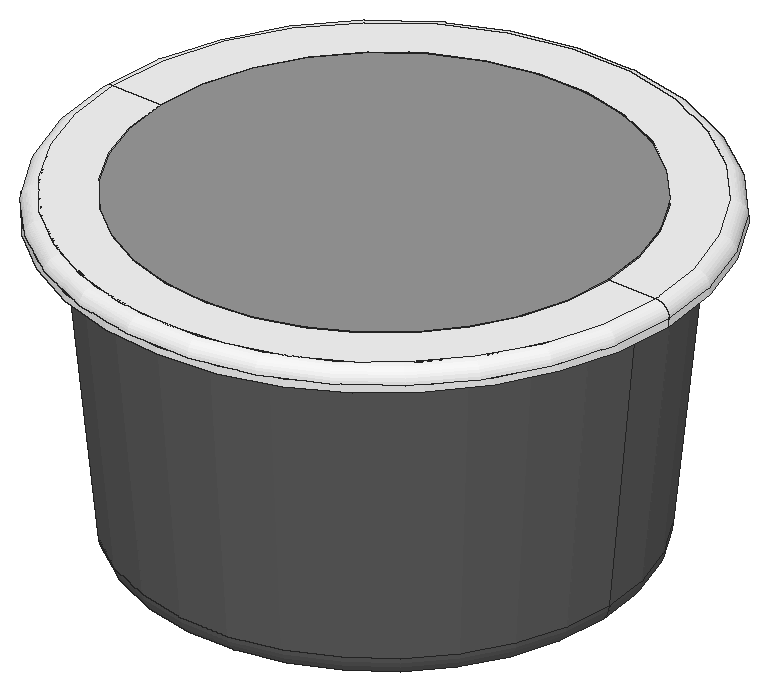
Revit family "3098105 Lighting Fixture_Sylvania_Insaver LED II 150 LO_Ceiling Recessed", category Lighting Fixtures, host Face, Revit 2017
Family settings
  Host = Face
  Round Connector Dimension = Use Diameter
  Part Type = Normal
  OmniClass Number = 23.80.70.11.17
  OmniClass Title = Specialized Lighting by Location or Use
  Cut with Voids When Loaded = No
  Light Source = Yes
  Shared = No
  Room Calculation Point = No
Parameters (values of type "Insaver LED II 150 Low Output NW DALI")
  Ta Rating = "0°C to 55°C"  # constant formula
  Reflector Radius = Body Radius - 2.0 mm  # 73.0 mm
  Reflector Material = Metal_Sylvania_Insaver LED II_Polished
  Radius = Diameter / 2  # 84.5 mm
  LOR = "100%"  # constant formula
  IP Rating = "IP23 (44 with accessory)"  # constant formula
  Height = 87.0 mm
  Glare Control = "UGR <19 (using accessory)"  # constant formula
  Energy Class = "A++,A+,A"  # constant formula
  Weight = 0 kg
  Wattage = 20 W
  built-in parameter 1150110 = 1 (stored number, unit not read)
  Voltage Comments = "UNV (Universal Voltage; 220-240 Volt)"  # constant formula
  Voltage = 230 V  # constant formula
  URL = "http://www.sylvania-lighting.com"
  built-in parameter 1114217 = 1 (stored number, unit not read)
  Tilt Angle = -90°
  built-in parameter 1150109 = 1 (stored number, unit not read)
  built-in parameter 1150134 = 12
  built-in parameter 1150113 = 1 (stored number, unit not read)
  Product Page URL = "http://www.sylvania-lighting.com/product/en-int/products/3098105"
  Product Family = "INSAVER LED II 150"  # constant formula
  Photometry Comments = ""
  Photometric Web File = "3098105_InsaverLEDII150LowOutputNWDALI-200423.ies"
  Life = "50 000 h"  # constant formula
  Emit from Circle Diameter = Diffuser Diameter  # 133.0 mm
  Emit Shape Visible in Rendering = no
  Drive Current = "700mA"  # constant formula
  Distribution type = "Direct - symmetrical"  # constant formula
  Diffuser Material = Glass_Sylvania_Insaver LED II_4000K
  Diffuser Diameter = Diameter - 36.0 mm  # 133.0 mm
  Diameter = 169.0 mm
  Cutout Diameter = Diameter - 19.0 mm  # 150.0 mm
  Colour consistency (SDCM) = "3 step"  # constant formula
  built-in parameter 1114216 [instance] = 1 (stored number, unit not read)
  Model = "Insaver LED II 150 Low Output NW DALI"
  Manufacturer = "Feilo Sylvania"
  built-in parameter 1150105 = 1454.2 (stored number, unit not read)
  Lumens = 1940 lm
  built-in parameter 1150115 = 1 (stored number, unit not read)
  built-in parameter 1150137 = (empty or 0)
  built-in parameter 1150139 = (empty or 0)
  built-in parameter 1150112 = 1 (stored number, unit not read)
  built-in parameter 1150114 = 1 (stored number, unit not read)
  Lamp Comments = "Integrated LED"  # constant formula
  Lamp = ""
  built-in parameter 1150132 = 2
  built-in parameter 1150102 = (empty or 0)
  built-in parameter 1150107 = 4000 (stored number, unit not read)
  built-in parameter 1150138 = (empty or 0)
  built-in parameter 1150106 = 14.542 (stored number, unit not read)
  CRI ( Ra ) = 80  # constant formula
  Body Material = Plastic_Sylvania_Insaver LED II_Black
  built-in parameter 1150104 = 9.0116 (stored number, unit not read)
  Dimming Lamp Color Temperature Shift = <None>
  Description = "Circular LED downlight with up to 114lm/W efficacy and 2,400 luminaire lumen output. Innovative easy installation system allows for a rapid, single point installation. For 150mm cut outs. IP44 or UGR<19 compliant with additional accessories. 3 hour emergency and surface mounted versions available. Plus3 version includes Wieland GST connector."  # constant formula
  Default Elevation = 0.0 mm
  Color Filter = 16777215
  Catalog Number = "3098105 Insaver LED II 150 Low Output NW DALI"
  built-in parameter 1140040 [instance] = 1
  Body Radius = Cutout Diameter / 2  # 75.0 mm
  Beam Angle = 76°  # constant formula
  built-in parameter 1114218 = 1 (stored number, unit not read)
  built-in parameter 1150133 = 10 (stored number, unit not read)
  Assembly Code = "D5020200"
  Apparent Load Comments = ""
  Apparent Load = 17 VA
  Accessory Material = Plastic_Sylvania_Insaver LED II_White
Reference planes
  plane 1 "Center (Front/Back)": y = 0
  plane 2: z = 0
  plane 3 "Center (Left/Right)": x = 0
  plane 4 "Fixture Top": z = -87
  plane 5 "Fixture Bottom": z = 6
  plane 6 "Reflector Top": z = -60
Forms (mm)
  Extrusion 1, void
    sketch origin (0, 0, 0) x (1, 0, 0) y (0, 1, 0)
      loop
        circle (0, 0) r 75
    from -87 to 0
  Revolve 2, solid, material "Plastic_Sylvania_Insaver LED II_White" <- "Accessory Material", detail levels fine
    sketch origin (0, 0, 0) x (1, 0, 0) y (0, 0, 1)
      loop
        line (-84.5, 0) -> (-66.5, 0) -> (-66.5, 6) -> (-80.5, 6)
        arc (-80.5, 6) -> (-83.328, 4.828) -> (-84.5, 2) r 4
        line (-84.5, 2) -> (-84.5, 0)
      axis (0, 6) -> (0, 0)
    angle from 0 to 360
  Revolve 3, solid, material "Plastic_Sylvania_Insaver LED II_Black" <- "Body Material", detail levels fine
    sketch origin (0, 0, 0) x (1, 0, 0) y (0, 0, 1)
      loop
        line (0, -87) -> (0, -85) -> (-59.475, -85)
        arc (-59.475, -85) -> (-62.901, -83.847) -> (-64.933, -80.857) r 5.666
        arc (-64.933, -80.857) -> (-70.978, -41.634) -> (-73, -2) r 389.454
        line (-73, -2) -> (-73, 0) -> (-75, 0) -> (-75, -2)
        arc (-75, -2) -> (-73.011, -41.414) -> (-67.063, -80.428) r 391.454
        arc (-67.063, -80.428) -> (-64.495, -85.129) -> (-59.475, -87) r 7.666
        line (-59.475, -87) -> (0, -87)
      axis (0, 0) -> (0, -87)
    angle from 0 to 360
  Extrusion 4, solid, material "Glass_Sylvania_Insaver LED II_4000K" <- "Diffuser Material", detail levels fine
    sketch origin (0, 0, 0) x (1, 0, 0) y (0, 1, 0)
      loop
        circle (0, 0) r 66.5
    from 0 to 6
  Revolve 5, solid, material "Metal_Sylvania_Insaver LED II_Polished" <- "Reflector Material", detail levels fine
    sketch origin (0, 0, 0) x (1, 0, 0) y (0, 0, 1)
      loop
        line (-73, 0) -> (-73, -2)
        arc (-73, -2) -> (-46.618, -43.735) -> (0, -60) r 74.94
        line (0, -60) -> (0, -58)
        arc (0, -58) -> (-45.285, -42.24) -> (-71, -1.769) r 72.94
        line (-71, -1.769) -> (-71, 0) -> (-73, 0)
      axis (0, 0) -> (0, -60)
    angle from 0 to 360
  Revolve 6, solid, material "Plastic_Sylvania_Insaver LED II_White" <- "Accessory Material", detail levels coarse+medium
    sketch origin (0, 0, 0) x (1, 0, 0) y (0, 0, 1)
      loop
        line (0, -87) -> (0, 6) -> (-84.5, 6) -> (-84.5, 0) -> (-75, 0) -> (-75, -2)
        arc (-75, -2) -> (-73.011, -41.414) -> (-67.063, -80.428) r 391.454
        arc (-67.063, -80.428) -> (-64.495, -85.129) -> (-59.475, -87) r 7.666
        line (-59.475, -87) -> (0, -87)
      axis (0, 6) -> (0, -87)
    angle from 0 to 360
Lines and regions (mm)
  Masking region 1
    outline origin (0, 0, 0) x (1, 0, 0) y (0, 1, 0)
      loop
        circle (0, 0) r 84.5
  symbolic lines, detail levels fine
    curve 1: arc (66.5, 0, 0) -> (0, 66.5, 0) -> (-66.5, 0, 0) r 66.5
    curve 2: arc (-66.5, 0, 0) -> (0, -66.5, 0) -> (66.5, 0, 0) r 66.5
Dimensions and locks
  "Height": plane 2 to plane 4 "Fixture Top"
  plane 5 "Fixture Bottom" to plane 2 = 6.0 mm
  "Radius": plane 3 "Center (Left/Right)" to Revolve 2 sketch curve
  locked: Revolve 2 sketch curve to plane 2 at 2
  Revolve 2 sketch curve to Revolve 2 sketch curve = 18.0 mm
  "Body Radius": plane 3 "Center (Left/Right)" to Revolve 3 sketch curve
  locked: Revolve 3 sketch curve to Revolve 3 sketch curve at 2
  locked: Revolve 3 sketch curve to plane 4 "Fixture Top" at 2
  "Reflector Radius": Revolve 5 sketch curve to plane 3 "Center (Left/Right)"
  locked: Revolve 5 sketch curve to Revolve 5 sketch curve at 2
  "Radius": Revolve 6 sketch curve to imposter light
  locked: Revolve 6 sketch curve to Revolve 6 sketch curve at 9.5
  "Cutout Diameter": diameter of Extrusion 1 sketch curve
  "Diffuser Diameter": diameter of Extrusion 4 sketch curve
  aligned and locked: plane 2 to host face
  aligned and locked: level to host face
  aligned and locked: Extrusion 1 to plane 4 "Fixture Top"
  aligned and locked: plane 2 to Extrusion 1
  aligned and locked: Revolve 2 sketch curve to plane 2
  aligned and locked: Revolve 2 sketch curve to plane 5 "Fixture Bottom"
  aligned and locked: Revolve 2 sketch curve to plane 3 "Center (Left/Right)"
  aligned and locked: Revolve 3 sketch curve to plane 3 "Center (Left/Right)"  (x2)
  aligned and locked: Extrusion 4 to plane 2
  aligned and locked: plane 5 "Fixture Bottom" to Extrusion 4
  aligned and locked: plane 4 "Fixture Top" to Revolve 3 sketch curve
  aligned and locked: Revolve 3 sketch curve to plane 2
  aligned and locked: Revolve 5 sketch curve to host face
  aligned and locked: Revolve 5 sketch curve to plane 3 "Center (Left/Right)"
  aligned and locked: plane 6 "Reflector Top" to Revolve 5 sketch curve
  aligned and locked: plane 3 "Center (Left/Right)" to Revolve 5 sketch curve
  aligned and locked: imposter light to plane 3 "Center (Left/Right)"
  aligned and locked: imposter light to plane 1 "Center (Front/Back)"
  aligned and locked: imposter light to plane 5 "Fixture Bottom"
  aligned and locked: Revolve 6 sketch curve to plane 3 "Center (Left/Right)"  (x2)
  aligned and locked: plane 4 "Fixture Top" to Revolve 6 sketch curve
  aligned and locked: Revolve 6 sketch curve to imposter light
  aligned and locked: Masking region 1 sketch curve to Revolve 6  (x2)
  aligned and locked: curve 1 to Extrusion 4
  aligned and locked: curve 2 to Extrusion 4
Automatic sketch dimensions
  host sketch curve to host sketch curve = 1040.406 mm
  host sketch curve to host sketch curve = 988.385 mm
  plane 1 "Center (Front/Back)" to Extrusion 1 sketch curve = 0.0 mm
  Extrusion 1 sketch curve to plane 3 "Center (Left/Right)" = 0.0 mm
  Revolve 2 sketch curve to level = 23.903 mm
  plane 5 "Fixture Bottom" to Revolve 2 sketch curve = 38.423 mm
  Revolve 3 sketch curve to Revolve 3 sketch curve = 0.0 mm  (x4)
  Revolve 3 sketch curve to plane 3 "Center (Left/Right)" = 59.475 mm
  Revolve 3 sketch curve to level = 2.0 mm
  plane 3 "Center (Left/Right)" to Revolve 3 sketch curve = 316.454 mm
  Revolve 3 sketch curve to Revolve 3 sketch curve = 5.666 mm
  Revolve 3 sketch curve to level = 21.34 mm
  plane 5 "Fixture Bottom" to Revolve 3 sketch curve = 47.66 mm
  plane 1 "Center (Front/Back)" to Extrusion 4 sketch curve = 0.0 mm
  Extrusion 4 sketch curve to plane 3 "Center (Left/Right)" = 0.0 mm
  Revolve 5 sketch curve to Revolve 5 sketch curve = 0.0 mm
  Revolve 5 sketch curve to Revolve 5 sketch curve = 2.0 mm
  Revolve 5 sketch curve to level = 2.0 mm
  Revolve 5 sketch curve to plane 4 "Fixture Top" = 30.934 mm
  Revolve 5 sketch curve to Revolve 5 sketch curve = 27.127 mm
  Revolve 6 sketch curve to level = 0.0 mm
  plane 4 "Fixture Top" to Revolve 6 sketch curve = 7.666 mm
  Revolve 6 sketch curve to plane 3 "Center (Left/Right)" = 59.475 mm
  Revolve 6 sketch curve to level = 2.0 mm
  plane 3 "Center (Left/Right)" to Revolve 6 sketch curve = 316.454 mm
  Revolve 6 sketch curve to level = 21.34 mm
  Revolve 6 sketch curve to Revolve 6 sketch curve = 47.66 mm
Connectors
  electrical at (0, 0, -87), driven by "Voltage", driven by "Apparent Load"
    settings: index 1, voltage 230 V, apparent load 0 VA, apparent load phase1 17 VA, apparent load phase2 0 VA, apparent load phase3 0 VA, power factor 1, load classification "Lighting", number of poles 1, system type 31, power factor state 1, is connector primary yes, connector utility no, sub classification motor no, connector description ""
